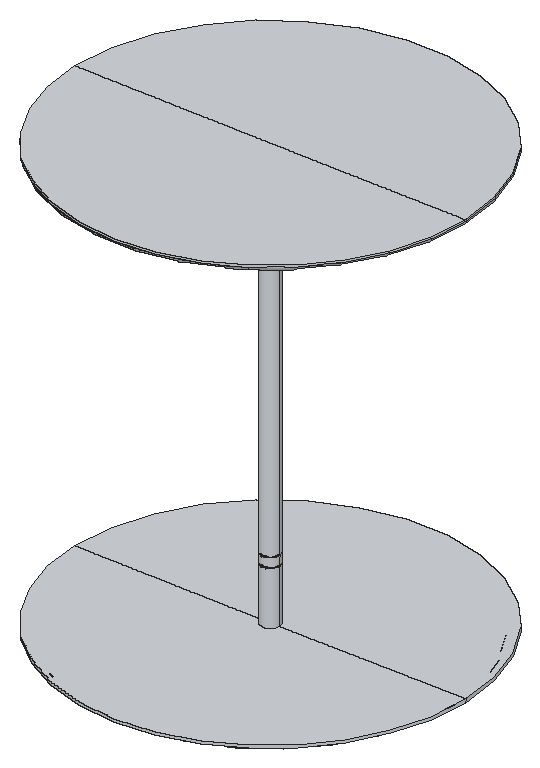
Revit family "Quiet-RndTop_RndBase", category Furniture, Revit 2016
Family settings
  OmniClass Number = 23.40.20.14.14.17
  OmniClass Title = Stools
  Work Plane-Based = No
  Always vertical = Yes
  Cut with Voids When Loaded = No
  Shared = No
  Room Calculation Point = No
Parameters (values of type "Quiet - QUS-167 16" rnd top/ rnd base occasional")
  Width = 16"
  URL = "http://bernhardtdesign.com/"
  Top Radius = Width / 2  # 8"
  Table Top Finish [instance] = none
  SKU = "QUS-167"
  Product Page URL = ""
  Product Name = ""
  Product Documentation Link = ""
  Metal Finish [instance] = none
  Manufacturer = "Bernhardt Design"  # constant formula
  Level Certification = ""
  Height = 18"
  GreenGuard Certification = ""
  Depth = Width  # 16"
  Copyright © = "Copyright © Bernhardt Design"  # constant formula
  Column Radius = 3/8"
  Catalog = SKU  # "QUS-167"
  Base Width = 16"
  Authoring Version = "Autodesk Revit 2016"  # constant formula
Types (19): name | Width | Top Radius | SKU | Height | Depth | Column Radius | Catalog | Base Width
  Quiet - QUS-181 18" rnd top/ rnd base occasional | 18" | 9" | "QUS-181" | 18" | 18" | 3/8" | "QUS-181" | 14"
  Quiet - QUS-221 22" rnd top/ rnd base occasional | 22" | 11" | "QUS-221" | 18" | 22" | 3/8" | "QUS-221" | 17 1/2"
  Quiet - QUS-301 30" rnd top/ rnd base occasional | 30" | 15" | "QUS-301" | 13" | 30" | 1 1/2" | "QUS-301" | 20 7/8"
  Quiet - QUS-361 36" rnd top/ rnd base occasional | 36" | 18" | "QUS-361" | 13" | 36" | 1 1/2" | "QUS-361" | 20 7/8"
  Quiet - QUS-421 42" rnd top/ rnd base occasional | 42" | 21" | "QUS-421" | 13" | 42" | 1 1/2" | "QUS-421" | 24"
  Quiet - QUS-185 18" rnd top/ rnd base mid | 18" | 9" | "QUS-185" | 23 3/4" | 18" | 7/16" | "QUS-185" | 14"
  Quiet - QUS-225 22" rnd top/ rnd base mid | 22" | 11" | "QUS-225" | 23 3/4" | 22" | 7/16" | "QUS-225" | 17 1/2"
  Quiet - QUS-305 30" rnd top/ rnd base mid | 30" | 15" | "QUS-305" | 23 3/4" | 30" | 1 1/2" | "QUS-305" | 20 7/8"
  Quiet - QUS-365 36" rnd top/ rnd base mid | 36" | 18" | "QUS-365" | 23 3/4" | 36" | 1 1/2" | "QUS-365" | 20 7/8"
  Quiet - QUS-425 42" rnd top/ rnd base mid | 42" | 21" | "QUS-425" | 23 3/4" | 42" | 1 1/2" | "QUS-425" | 24"
  Quiet - QUS-309 30" rnd top/ rnd base conference | 30" | 15" | "QUS-309" | 29" | 30" | 1 1/2" | "QUS-309" | 20 7/8"
  Quiet - QUS-369 36" rnd top/ rnd base conference | 36" | 18" | "QUS-369" | 29" | 36" | 1 1/2" | "QUS-369" | 20 7/8"
  Quiet - QUS-429 42" rnd top/ rnd base conference | 42" | 21" | "QUS-429" | 29" | 42" | 1 1/2" | "QUS-429" | 24"
  Quiet - QUS-271 27" rnd top/ rnd base bar | 27" | 13 1/2" | "QUS-271" | 42" | 27" | 1 1/2" | "QUS-271" | 20 7/8"
  Quiet - QUS-485 48" rnd top/ rnd base mid | 48" | 24" | "QUS-485" | 23 3/4" | 48" | 1 1/2" | "QUS-485" | 24"
  Quiet - QUS-481 48" rnd top/ rnd base occasional | 48" | 24" | "QUS-481" | 13" | 48" | 1 1/2" | "QUS-481" | 24"
  Quiet - QUS-487 48" rnd top/ rnd base conference | 48" | 24" | "QUS-487" | 29" | 48" | 1 1/2" | "QUS-487" | 24"
  Quiet - QUS-313 30" rnd top/ rnd base bar | 30" | 15" | "QUS-313" | 42" | 30" | 1 1/2" | "QUS-313" | 20 7/8"
  Quiet - QUS-167 16" rnd top/ rnd base occasional | 16" | 8" | "QUS-167" | 18" | 16" | 3/8" | "QUS-167" | 16"
Reference planes (in)
  plane 1 "Center (Front/Back)": y = 0
  plane 2 "Bottom": z = 0
  plane 3 "Center (Left/Right)": x = 0
  plane 4 "Left": x = -8
  plane 5 "Right": x = 8
  plane 6 "Front": y = -8
  plane 7 "Back": y = 8
  plane 8 "Top": z = 18
  plane 9 "Base_left": x = -8
  plane 10 "Base_right": x = 8
  plane 11 "Base_bottom": y = -8
  plane 12 "Base_top": y = 8
  plane 13: x = -0.375
  plane 14: x = -8
  plane 15: x = -7.58691
  plane 16: x = -7.39019
Forms (in)
  Revolve 1, solid, material <- "Metal Finish"
    sketch origin (0, 0, 0) x (1, 0, 0) y (0, 0, 1)
      loop
        line (-0.375, 0.43277) -> (0, 0.43277) -> (0, 17.13298) -> (-0.375, 17.13298) -> (-0.375, 3.06083) -> (-0.34353, 3.02936) -> (-0.375, 2.99788) -> (-0.375, 2.66741) -> (-0.34353, 2.63593) -> (-0.375, 2.60446) -> (-0.375, 0.43277)
      axis (0, 17.13298) -> (0, 0.43277)
    angle from 0 to 360
  Revolve 2, solid, material <- "Table Top Finish"
    sketch origin (0, 0, -5.75) x (1, 0, 0) y (0, 0, 1)
      loop
        line (0, 22.88298) -> (0, 23.75) -> (-8, 23.75) -> (-8, 23.67382)
        arc (-8, 23.67382) -> (-7.97922, 23.60693) -> (-7.92419, 23.5636) r 0.11803
        line (-7.92419, 23.5636) -> (-6.14703, 22.88298) -> (0, 22.88298)
      axis (0, 23.75) -> (0, 22.88298)
    angle from 0 to 360
  Revolve 3, solid, material <- "Metal Finish"
    sketch origin (0, 0, 0) x (1, 0, 0) y (0, 0, 1)
      loop
        line (0, 0) -> (0, 0.43277) -> (-8, 0.43277) -> (-8, 0.31474) -> (-7.58691, 0.31474) -> (-7.58691, 0.19671)
        arc (-7.58691, 0.19671) -> (-7.52929, 0.05762) -> (-7.39019, 0) r 0.19671
        line (-7.39019, 0) -> (0, 0)
      axis (0, 0.43277) -> (0, 0)
    angle from 0 to 360
Dimensions and locks (in)
  equal spacing: plane 4 "Left", plane 3 "Center (Left/Right)", plane 5 "Right"
  equal spacing: plane 6 "Front", plane 1 "Center (Front/Back)", plane 7 "Back"
  "Depth": plane 7 "Back" to plane 6 "Front"
  "Width": plane 4 "Left" to plane 5 "Right"
  "Height": plane 8 "Top" to plane 2 "Bottom"
  equal spacing: plane 11 "Base_bottom", plane 1 "Center (Front/Back)", plane 12 "Base_top"
  equal spacing: plane 9 "Base_left", plane 3 "Center (Left/Right)", plane 10 "Base_right"
  "Base Width": plane 9 "Base_left" to plane 10 "Base_right"
  "Base Width": plane 11 "Base_bottom" to plane 12 "Base_top"
  locked: plane 8 "Top" to Revolve 1 sketch curve at 0.86702
  "Column Radius": plane 3 "Center (Left/Right)" to plane 13
  Revolve 1 sketch curve to Revolve 1 sketch curve to Revolve 1 sketch curve to Revolve 1 sketch curve to plane 2 "Bottom" = 0.06295" locked, 0.33048" locked, 0.06295" locked, 2.60446" locked
  locked: Revolve 2 sketch curve to Revolve 2 sketch curve at 1.77716
  "Top Radius": plane 14 to plane 3 "Center (Left/Right)"
  plane 15 to plane 16 = 0.19671"
  plane 9 "Base_left" to plane 15 = 0.41309"
  aligned and locked: plane 2 "Bottom" to level
  aligned and locked: Revolve 1 sketch curve to plane 13  (x3)
  aligned and locked: plane 9 "Base_left" to Revolve 3 sketch curve
Automatic sketch dimensions
  Revolve 1 sketch curve to plane 3 "Center (Left/Right)" = 0"  (x2)
  Revolve 1 sketch curve to level = 12 1/4"
  Revolve 1 sketch curve to Revolve 1 sketch curve = 0.03147"  (x2)
  plane 8 "Top" to Revolve 1 sketch curve = 4 3/4"
  level to Revolve 1 sketch curve = 0.43277"
  plane 14 to Revolve 2 sketch curve = 0"
  Revolve 2 sketch curve to plane 3 "Center (Left/Right)" = 0"  (x2)
  Revolve 2 sketch curve to plane 8 "Top" = 0"
  Revolve 2 sketch curve to plane 14 = 0.07581"
  Revolve 2 sketch curve to Revolve 2 sketch curve = 0.11803"
  Revolve 2 sketch curve to plane 8 "Top" = 0.07618"
  Revolve 2 sketch curve to Revolve 2 sketch curve = 0.86702"
  Revolve 2 sketch curve to Revolve 2 sketch curve = 2.00009"
  plane 8 "Top" to Revolve 2 sketch curve = 2"
  plane 15 to Revolve 3 sketch curve = 0"
  plane 16 to Revolve 3 sketch curve = 0"
  Revolve 3 sketch curve to plane 3 "Center (Left/Right)" = 0"  (x2)
  Revolve 3 sketch curve to level = 0"
  Revolve 3 sketch curve to Revolve 3 sketch curve = 0.11803"  (x2)
  Revolve 3 sketch curve to Revolve 3 sketch curve = 12 1/4"
  plane 8 "Top" to Revolve 3 sketch curve = 10 1/2"
